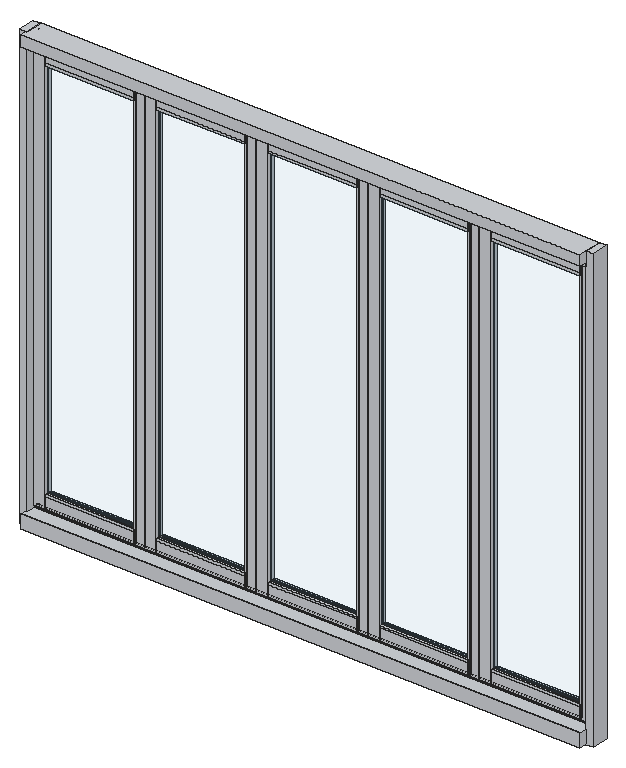
Revit family "MT-HB_BIFOLD DOOR_XXXXX", category Doors, host Wall, Revit 2017 (continued)
Definition of nested family "DETAIL_HB27S_SILL JAMB"
  Lines and regions (mm)
    model lines, in view "Ref. Level"
      curve 128: arc (132.5, 72.09, 0) -> (132.874, 72.348, 0) -> (132.767, 72.788, 0) r 0.4
      curve 129: arc (132.767, 72.788, 0) -> (132.052, 74.477, 0) -> (132.9, 76.103, 0) r 2.15
      curve 130: arc (135.5, 76.103, 0) -> (136.348, 74.477, 0) -> (135.633, 72.788, 0) r 2.15
      curve 131: arc (135.633, 72.788, 0) -> (135.526, 72.348, 0) -> (135.9, 72.09, 0) r 0.4
      curve 132: arc (136.45, 72.09, 0) -> (137.511, 72.53, 0) -> (137.95, 73.59, 0) r 1.5
      curve 133: arc (137.95, 77.386, 0) -> (138.09, 77.733, 0) -> (138.433, 77.885, 0) r 0.5
      curve 134: arc (143.965, 78.078, 0) -> (144.695, 77.798, 0) -> (145, 77.079, 0) r 1
      curve 135: arc (145, 65.346, 0) -> (144.707, 64.639, 0) -> (144, 64.346, 0) r 1
      curve 136: arc (140, 64.346, 0) -> (139.293, 64.053, 0) -> (139, 63.346, 0) r 1
      curve 137: arc (139, 61.346, 0) -> (139.293, 60.639, 0) -> (140, 60.346, 0) r 1
      curve 138: arc (144, 60.346, 0) -> (144.707, 60.053, 0) -> (145, 59.346, 0) r 1
      curve 139: arc (145, 55.346, 0) -> (144.707, 54.639, 0) -> (144, 54.346, 0) r 1
      curve 140: arc (140, 54.346, 0) -> (139.293, 54.053, 0) -> (139, 53.346, 0) r 1
      curve 141: arc (139, 51.346, 0) -> (139.293, 50.639, 0) -> (140, 50.346, 0) r 1
      curve 142: arc (144, 50.346, 0) -> (144.707, 50.053, 0) -> (145, 49.346, 0) r 1
      curve 143: arc (145, 45.346, 0) -> (144.707, 44.639, 0) -> (144, 44.346, 0) r 1
      curve 144: arc (140, 44.346, 0) -> (139.293, 44.053, 0) -> (139, 43.346, 0) r 1
      curve 145: arc (139, 41.346, 0) -> (139.293, 40.639, 0) -> (140, 40.346, 0) r 1
      curve 146: arc (144, 40.346, 0) -> (144.707, 40.053, 0) -> (145, 39.346, 0) r 1
      curve 147: arc (145, 35.346, 0) -> (144.707, 34.639, 0) -> (144, 34.346, 0) r 1
      curve 148: arc (140, 34.346, 0) -> (139.293, 34.053, 0) -> (139, 33.346, 0) r 1
      curve 149: arc (139, 31.346, 0) -> (139.293, 30.639, 0) -> (140, 30.346, 0) r 1
      curve 150: arc (144, 30.346, 0) -> (144.707, 30.053, 0) -> (145, 29.346, 0) r 1
      curve 151: arc (145, 26.444, 0) -> (144.737, 25.769, 0) -> (144.087, 25.448, 0) r 1
      curve 152: arc (9, 18.346, 0) -> (8.646, 18.492, 0) -> (8.5, 18.846, 0) r 0.5
      curve 153: arc (8.5, 32.361, 0) -> (7.453, 35.423, 0) -> (4.75, 37.202, 0) r 5
      curve 154: arc (4.75, 37.202, 0) -> (4.209, 37.558, 0) -> (4, 38.17, 0) r 1
      curve 155: arc (4, 76.084, 0) -> (4.617, 77.008, 0) -> (5.707, 76.791, 0) r 1
      curve 156: arc (10.173, 72.325, 0) -> (10.909, 71.718, 0) -> (11.746, 71.262, 0) r 5
      curve 157: arc (11.746, 71.262, 0) -> (11.967, 71.078, 0) -> (12.05, 70.802, 0) r 0.5
      curve 158: arc (12.05, 67.587, 0) -> (12.489, 66.526, 0) -> (13.55, 66.087, 0) r 1.5
      curve 159: arc (14.1, 66.087, 0) -> (14.474, 66.344, 0) -> (14.367, 66.785, 0) r 0.4
      curve 160: arc (14.367, 66.785, 0) -> (13.652, 68.474, 0) -> (14.5, 70.1, 0) r 2.15
      curve 161: arc (17.1, 70.1, 0) -> (17.948, 68.474, 0) -> (17.233, 66.785, 0) r 2.15
      curve 162: arc (17.233, 66.785, 0) -> (17.108, 66.408, 0) -> (17.369, 66.109, 0) r 0.4
      curve 163: arc (17.369, 66.109, 0) -> (17.759, 65.86, 0) -> (17.996, 65.462, 0) r 1
      curve 164: arc (17.996, 65.462, 0) -> (18.358, 64.955, 0) -> (18.95, 64.761, 0) r 1
      curve 165: arc (21.05, 64.761, 0) -> (21.757, 64.468, 0) -> (22.05, 63.761, 0) r 1
      curve 166: arc (22.05, 58.587, 0) -> (22.489, 57.526, 0) -> (23.55, 57.087, 0) r 1.5
      curve 167: arc (24.1, 57.087, 0) -> (24.474, 57.344, 0) -> (24.367, 57.785, 0) r 0.4
      curve 168: arc (24.367, 57.785, 0) -> (23.652, 59.474, 0) -> (24.5, 61.1, 0) r 2.15
      curve 169: arc (27.1, 61.1, 0) -> (27.948, 59.474, 0) -> (27.233, 57.785, 0) r 2.15
      curve 170: arc (27.233, 57.785, 0) -> (27.126, 57.344, 0) -> (27.5, 57.087, 0) r 0.4
      curve 171: arc (28.05, 57.087, 0) -> (29.111, 57.526, 0) -> (29.55, 58.587, 0) r 1.5
      curve 172: arc (29.55, 60.761, 0) -> (29.843, 61.468, 0) -> (30.55, 61.761, 0) r 1
      curve 173: arc (38.05, 61.761, 0) -> (38.757, 61.468, 0) -> (39.05, 60.761, 0) r 1
      curve 174: arc (39.05, 58.587, 0) -> (39.489, 57.526, 0) -> (40.55, 57.087, 0) r 1.5
      curve 175: arc (41.1, 57.087, 0) -> (41.474, 57.344, 0) -> (41.367, 57.785, 0) r 0.4
      curve 176: arc (41.367, 57.785, 0) -> (40.652, 59.474, 0) -> (41.5, 61.1, 0) r 2.15
      curve 177: arc (44.1, 61.1, 0) -> (44.948, 59.474, 0) -> (44.233, 57.785, 0) r 2.15
      curve 178: arc (44.233, 57.785, 0) -> (44.126, 57.344, 0) -> (44.5, 57.087, 0) r 0.4
      curve 179: arc (45.05, 57.087, 0) -> (46.111, 57.526, 0) -> (46.55, 58.587, 0) r 1.5
      curve 180: arc (46.55, 60.761, 0) -> (46.843, 61.468, 0) -> (47.55, 61.761, 0) r 1
      curve 181: arc (50.87, 61.761, 0) -> (51.577, 62.054, 0) -> (51.87, 62.761, 0) r 1
      curve 182: arc (51.87, 70.361, 0) -> (52.016, 70.715, 0) -> (52.37, 70.861, 0) r 0.5
      curve 183: arc (54.05, 70.861, 0) -> (54.757, 70.568, 0) -> (55.05, 69.861, 0) r 1
      curve 184: arc (55.05, 67.587, 0) -> (55.489, 66.526, 0) -> (56.55, 66.087, 0) r 1.5
      curve 185: arc (57.1, 66.087, 0) -> (57.474, 66.344, 0) -> (57.367, 66.785, 0) r 0.4
      curve 186: arc (57.367, 66.785, 0) -> (56.652, 68.474, 0) -> (57.5, 70.1, 0) r 2.15
      curve 187: line (38.245, 64.707, 0) -> (37.929, 64.486, 0)
      curve 188: line (37.011, 64.486, 0) -> (36.695, 64.707, 0)
      curve 189: line (36.523, 64.761, 0) -> (25.633, 64.761, 0)
      curve 190: line (21.45, 68.561, 0) -> (21.45, 69.987, 0)
      curve 191: line (22.45, 70.987, 0) -> (25.07, 70.987, 0)
      curve 192: line (26.07, 71.987, 0) -> (26.07, 83.061, 0)
      curve 193: line (26.87, 83.861, 0) -> (29.47, 83.861, 0)
      curve 194: line (29.47, 86.861, 0) -> (25.547, 86.861, 0)
      curve 195: line (24.047, 85.384, 0) -> (23.893, 75.464, 0)
      curve 196: line (22.393, 73.987, 0) -> (16.51, 73.987, 0)
      curve 197: line (16.156, 73.841, 0) -> (15.941, 73.626, 0)
      curve 198: line (15.659, 73.626, 0) -> (15.444, 73.841, 0)
      curve 199: line (15.09, 73.987, 0) -> (13.168, 73.987, 0)
      curve 200: line (12.461, 74.28, 0) -> (4.893, 81.848, 0)
      curve 201: line (4.6, 82.555, 0) -> (4.6, 89.319, 0)
      curve 202: line (5.05, 89.816, 0) -> (9.15, 90.226, 0)
      curve 203: line (9.6, 90.724, 0) -> (9.6, 91.371, 0)
      curve 204: line (9.1, 91.871, 0) -> (5, 91.871, 0)
      curve 205: line (4.6, 92.271, 0) -> (4.6, 94.171, 0)
      curve 206: line (5, 94.571, 0) -> (8.6, 94.571, 0)
      curve 207: line (9.6, 94.571, 0) -> (9.6, 96.671, 0)
      curve 208: line (8.1, 96.071, 0) -> (5.1, 96.071, 0)
      curve 209: line (4.6, 96.571, 0) -> (4.6, 101.205, 0)
      curve 210: line (5.03, 101.7, 0) -> (8.03, 102.122, 0)
      curve 211: line (8.6, 101.627, 0) -> (8.6, 100.671, 0)
      curve 212: line (9.6, 100.671, 0) -> (9.6, 103.846, 0)
      curve 213: line (9.1, 104.346, 0) -> (2.1, 104.346, 0)
      curve 214: line (1.6, 103.846, 0) -> (1.6, 80.361, 0)
      curve 215: line (1.1, 79.861, 0) -> (0.5, 79.861, 0)
      curve 216: line (0, 79.361, 0) -> (0, 30.046, 0)
      curve 217: line (1, 29.046, 0) -> (1.5, 29.046, 0)
      curve 218: line (2.5, 30.046, 0) -> (2.5, 30.561, 0)
      curve 219: line (4.5, 30.561, 0) -> (4.5, 30.046, 0)
      curve 220: line (6, 28.546, 0) -> (6, 24.311, 0)
      curve 221: line (6.117, 24.029, 0) -> (6.3, 23.846, 0)
      curve 222: line (6.3, 23.846, 0) -> (6.3, 23.346, 0)
      curve 223: line (6.3, 23.346, 0) -> (6.117, 23.163, 0)
      curve 224: line (6, 22.88, 0) -> (6, 18.546, 0)
      curve 225: line (5.8, 18.346, 0) -> (4.5, 18.346, 0)
      curve 226: line (4, 17.846, 0) -> (4, 16.846, 0)
      curve 227: line (3.5, 16.346, 0) -> (0.5, 16.346, 0)
      curve 228: line (0, 15.846, 0) -> (0, 14.346, 0)
      curve 229: line (0.5, 13.846, 0) -> (5.05, 13.846, 0)
      curve 230: line (5.55, 13.346, 0) -> (5.55, 12.846, 0)
      curve 231: line (6.05, 12.346, 0) -> (8.4, 12.346, 0)
      curve 232: line (8.9, 11.846, 0) -> (8.9, 10.929, 0)
      curve 233: line (8.529, 10.447, 0) -> (6.771, 9.975, 0)
      curve 234: line (6.467, 9.242, 0) -> (11.534, 0.466, 0)
      curve 235: line (13.4, 0.966, 0) -> (13.4, 4.43, 0)
      curve 236: line (12.998, 5.93, 0) -> (12.138, 7.42, 0)
      curve 237: line (13.571, 10.055, 0) -> (14.1, 10.055, 0)
      curve 238: line (14.5, 14.069, 0) -> (14.5, 14.956, 0)
      curve 239: line (14.5, 14.956, 0) -> (17.1, 14.956, 0)
      curve 240: line (17.1, 14.956, 0) -> (17.1, 14.069, 0)
      curve 241: line (17.5, 10.055, 0) -> (18.05, 10.055, 0)
      curve 242: line (19.55, 11.555, 0) -> (19.55, 14.846, 0)
      curve 243: line (20.05, 15.346, 0) -> (21.55, 15.346, 0)
      curve 244: line (22.05, 14.846, 0) -> (22.05, 11.555, 0)
      curve 245: line (23.55, 10.055, 0) -> (24.1, 10.055, 0)
      curve 246: line (24.5, 14.069, 0) -> (24.5, 14.956, 0)
      curve 247: line (24.5, 14.956, 0) -> (27.1, 14.956, 0)
      curve 248: line (27.1, 14.956, 0) -> (27.1, 14.069, 0)
      curve 249: line (27.5, 10.055, 0) -> (28.05, 10.055, 0)
      curve 250: line (29.55, 11.555, 0) -> (29.55, 14.846, 0)
      curve 251: line (30.05, 15.346, 0) -> (38.55, 15.346, 0)
      curve 252: line (39.05, 14.846, 0) -> (39.05, 11.555, 0)
      curve 253: line (40.55, 10.055, 0) -> (41.1, 10.055, 0)
      curve 254: line (41.5, 14.069, 0) -> (41.5, 14.956, 0)
      curve 255: line (41.5, 14.956, 0) -> (44.1, 14.956, 0)
      curve 256: line (44.1, 14.956, 0) -> (44.1, 14.069, 0)
      curve 257: line (44.5, 10.055, 0) -> (45.05, 10.055, 0)
      curve 258: line (46.55, 11.555, 0) -> (46.55, 14.846, 0)
      curve 259: line (47.05, 15.346, 0) -> (54.55, 15.346, 0)
      curve 260: line (55.05, 14.846, 0) -> (55.05, 11.555, 0)
      curve 261: line (56.55, 10.055, 0) -> (57.1, 10.055, 0)
      curve 262: line (57.5, 14.069, 0) -> (57.5, 14.956, 0)
      curve 263: line (57.5, 14.956, 0) -> (60.1, 14.956, 0)
      curve 264: line (60.1, 14.956, 0) -> (60.1, 14.069, 0)
      curve 265: line (60.5, 10.055, 0) -> (61.05, 10.055, 0)
      curve 266: line (62.55, 11.555, 0) -> (62.55, 14.845, 0)
      curve 267: line (63.024, 15.344, 0) -> (143.913, 22.421, 0)
      curve 268: line (145, 21.425, 0) -> (145, 19.776, 0)
      curve 269: line (137.782, 16.106, 0) -> (133.399, 16.106, 0)
      curve 270: line (131.899, 14.606, 0) -> (131.899, 14.056, 0)
      curve 271: line (135.912, 13.656, 0) -> (136.8, 13.656, 0)
      curve 272: line (136.8, 13.656, 0) -> (136.8, 11.056, 0)
      curve 273: line (136.8, 11.056, 0) -> (135.912, 11.056, 0)
      curve 274: line (131.899, 10.656, 0) -> (131.899, 10.106, 0)
      curve 275: line (133.399, 8.606, 0) -> (137.161, 8.606, 0)
      curve 276: line (137.854, 7.406, 0) -> (137.002, 5.93, 0)
      curve 277: line (136.6, 4.43, 0) -> (136.6, 0.966, 0)
      curve 278: line (138.466, 0.466, 0) -> (143.533, 9.242, 0)
      curve 279: line (143.229, 9.975, 0) -> (141.471, 10.446, 0)
      curve 280: line (141.1, 10.929, 0) -> (141.1, 11.846, 0)
      curve 281: line (141.6, 12.346, 0) -> (143.95, 12.346, 0)
      curve 282: line (144.45, 12.846, 0) -> (144.45, 13.346, 0)
      curve 283: line (144.95, 13.846, 0) -> (149.2, 13.846, 0)
      curve 284: line (150, 14.646, 0) -> (150, 83.361, 0)
      curve 285: line (149.5, 83.861, 0) -> (145.5, 83.861, 0)
      curve 286: line (145, 83.361, 0) -> (145, 82.082, 0)
      curve 287: line (144.035, 81.083, 0) -> (66.8, 78.386, 0)
      curve 288: line (64.87, 76.387, 0) -> (64.87, 74.361, 0)
      curve 289: line (64.37, 73.861, 0) -> (59.508, 73.861, 0)
      curve 290: line (59.155, 73.715, 0) -> (58.94, 73.5, 0)
      curve 291: line (58.657, 73.5, 0) -> (58.442, 73.715, 0)
      curve 292: line (58.089, 73.861, 0) -> (52.37, 73.861, 0)
      curve 293: line (51.87, 74.361, 0) -> (51.87, 86.361, 0)
      curve 294: line (51.37, 86.861, 0) -> (45.47, 86.861, 0)
      curve 295: line (45.47, 83.861, 0) -> (48.07, 83.861, 0)
      curve 296: line (48.87, 83.061, 0) -> (48.87, 65.761, 0)
      curve 297: line (47.87, 64.761, 0) -> (38.417, 64.761, 0)
      curve 298: line (60.5, 66.087, 0) -> (61.05, 66.087, 0)
      curve 299: line (62.55, 67.587, 0) -> (62.55, 70.361, 0)
      curve 300: line (63.05, 70.861, 0) -> (64.37, 70.861, 0)
      curve 301: line (67.87, 74.361, 0) -> (67.87, 74.938, 0)
      curve 302: line (68.353, 75.438, 0) -> (129.933, 77.588, 0)
      curve 303: line (130.45, 77.089, 0) -> (130.45, 73.59, 0)
      curve 304: line (131.95, 72.09, 0) -> (132.5, 72.09, 0)
      curve 305: line (132.9, 76.103, 0) -> (132.9, 76.991, 0)
      curve 306: line (132.9, 76.991, 0) -> (135.5, 76.991, 0)
      curve 307: line (135.5, 76.991, 0) -> (135.5, 76.103, 0)
      curve 308: line (135.9, 72.09, 0) -> (136.45, 72.09, 0)
      curve 309: line (137.95, 73.59, 0) -> (137.95, 77.386, 0)
      curve 310: line (138.433, 77.885, 0) -> (143.965, 78.078, 0)
      curve 311: line (145, 77.079, 0) -> (145, 65.346, 0)
      curve 312: line (144, 64.346, 0) -> (140, 64.346, 0)
      curve 313: line (139, 63.346, 0) -> (139, 61.346, 0)
      curve 314: line (140, 60.346, 0) -> (144, 60.346, 0)
      curve 315: line (145, 59.346, 0) -> (145, 55.346, 0)
      curve 316: line (144, 54.346, 0) -> (140, 54.346, 0)
      curve 317: line (139, 53.346, 0) -> (139, 51.346, 0)
      curve 318: line (140, 50.346, 0) -> (144, 50.346, 0)
      curve 319: line (145, 49.346, 0) -> (145, 45.346, 0)
      curve 320: line (144, 44.346, 0) -> (140, 44.346, 0)
      curve 321: line (139, 43.346, 0) -> (139, 41.346, 0)
      curve 322: line (140, 40.346, 0) -> (144, 40.346, 0)
      curve 323: line (145, 39.346, 0) -> (145, 35.346, 0)
      curve 324: line (144, 34.346, 0) -> (140, 34.346, 0)
      curve 325: line (139, 33.346, 0) -> (139, 31.346, 0)
      curve 326: line (140, 30.346, 0) -> (144, 30.346, 0)
      curve 327: line (145, 29.346, 0) -> (145, 26.444, 0)
      curve 328: line (144.087, 25.448, 0) -> (62.952, 18.35, 0)
      curve 329: line (62.952, 18.35, 0) -> (9, 18.346, 0)
      curve 330: line (8.5, 18.846, 0) -> (8.5, 32.361, 0)
      curve 331: line (4, 38.17, 0) -> (4, 76.084, 0)
      curve 332: line (5.707, 76.791, 0) -> (10.173, 72.325, 0)
      curve 333: line (12.05, 70.802, 0) -> (12.05, 67.587, 0)
      curve 334: line (13.55, 66.087, 0) -> (14.1, 66.087, 0)
      curve 335: line (14.5, 70.1, 0) -> (14.5, 70.987, 0)
      curve 336: line (14.5, 70.987, 0) -> (17.1, 70.987, 0)
      curve 337: line (17.1, 70.987, 0) -> (17.1, 70.1, 0)
      curve 338: line (18.95, 64.761, 0) -> (21.05, 64.761, 0)
      curve 339: line (22.05, 63.761, 0) -> (22.05, 58.587, 0)
      curve 340: line (23.55, 57.087, 0) -> (24.1, 57.087, 0)
      curve 341: line (24.5, 61.1, 0) -> (24.5, 61.987, 0)
      curve 342: line (24.5, 61.987, 0) -> (27.1, 61.987, 0)
      curve 343: line (27.1, 61.987, 0) -> (27.1, 61.1, 0)
      curve 344: line (27.5, 57.087, 0) -> (28.05, 57.087, 0)
      curve 345: line (29.55, 58.587, 0) -> (29.55, 60.761, 0)
      curve 346: line (30.55, 61.761, 0) -> (38.05, 61.761, 0)
      curve 347: line (39.05, 60.761, 0) -> (39.05, 58.587, 0)
      curve 348: line (40.55, 57.087, 0) -> (41.1, 57.087, 0)
      curve 349: line (41.5, 61.1, 0) -> (41.5, 61.987, 0)
      curve 350: line (41.5, 61.987, 0) -> (44.1, 61.987, 0)
      curve 351: line (44.1, 61.987, 0) -> (44.1, 61.1, 0)
      curve 352: line (44.5, 57.087, 0) -> (45.05, 57.087, 0)
      curve 353: line (46.55, 58.587, 0) -> (46.55, 60.761, 0)
      curve 354: line (47.55, 61.761, 0) -> (50.87, 61.761, 0)
      curve 355: line (51.87, 62.761, 0) -> (51.87, 70.361, 0)
      curve 356: line (52.37, 70.861, 0) -> (54.05, 70.861, 0)
      curve 357: line (55.05, 69.861, 0) -> (55.05, 67.587, 0)
      curve 358: line (56.55, 66.087, 0) -> (57.1, 66.087, 0)
      curve 359: line (57.5, 70.1, 0) -> (57.5, 70.987, 0)
      curve 360: line (57.5, 70.987, 0) -> (60.1, 70.987, 0)
      curve 361: line (60.1, 70.987, 0) -> (60.1, 70.1, 0)
      curve 362: arc (60.1, 70.1, 0) -> (60.948, 68.474, 0) -> (60.233, 66.785, 0) r 2.15
      curve 363: arc (60.233, 66.785, 0) -> (60.126, 66.344, 0) -> (60.5, 66.087, 0) r 0.4
Definition of nested family "DETAIL_HB_DETAIL 3"
  Reference planes
    plane 1 "Center (Front/Back)": y = 0
    plane 2: z = 0
    plane 3 "Center (Left/Right)": x = 0
  Lines and regions (mm)
    model lines, in view "Ref. Level"
      curve 1: line (10.099, 28.014, 0) -> (0.979, 28.014, 0)
      curve 2: line (0.979, 28.014, 0) -> (0.979, 30.01, 0)
      curve 3: line (0.979, 30.01, 0) -> (1.743, 30.718, 0)
      curve 4: line (1.743, 30.718, 0) -> (-0.957, 32.457, 0)
      curve 5: line (-0.957, 32.457, 0) -> (-0.957, 22.926, 0)
      curve 6: line (-0.957, 22.926, 0) -> (10.099, 22.926, 0)
      curve 7: line (10.099, 22.926, 0) -> (10.099, 28.014, 0)
      curve 8: line (7.608, 25.76, 0) -> (-0.957, 25.76, 0)
      curve 9: circle (57.25, 0, 0) r 2.4 normal (0, 0, -1)
      curve 10: arc (43.562, 5.5, 0) -> (43.013, 4.951, 0) -> (42.263, 4.75, 0) r 1.5
      curve 11: arc (42.263, -4.75, 0) -> (43.013, -4.951, 0) -> (43.562, -5.5, 0) r 1.5
      curve 12: line (28.25, -0.258, 0) -> (28.264, 0, 0)
      curve 13: line (26.392, 3.97, 0) -> (26.235, 2.807, 0)
      curve 14: line (26.235, 2.807, 0) -> (25.923, -2.807, 0)
      curve 15: line (25.923, -2.807, 0) -> (25.777, -3.97, 0)
      curve 16: line (27.642, 3.97, 0) -> (27.485, 2.807, 0)
      curve 17: line (27.485, 2.807, 0) -> (27.173, -2.807, 0)
      curve 18: line (27.173, -2.807, 0) -> (27.027, -3.97, 0)
      curve 19: line (27.608, -3.97, 0) -> (27.765, -2.807, 0)
      curve 20: line (27.765, -2.807, 0) -> (27.921, 0, 0)
      curve 21: line (26.358, -3.97, 0) -> (26.515, -2.807, 0)
      curve 22: line (26.515, -2.807, 0) -> (26.827, 2.807, 0)
      curve 23: line (26.827, 2.807, 0) -> (26.973, 3.97, 0)
      curve 24: line (25.108, -3.97, 0) -> (25.265, -2.807, 0)
      curve 25: line (25.265, -2.807, 0) -> (25.577, 2.807, 0)
      curve 26: line (25.577, 2.807, 0) -> (25.723, 3.97, 0)
      curve 27: line (23.858, -3.97, 0) -> (24.015, -2.807, 0)
      curve 28: line (24.015, -2.807, 0) -> (24.327, 2.807, 0)
      curve 29: line (24.327, 2.807, 0) -> (24.473, 3.97, 0)
      curve 30: line (3.858, -3.97, 0) -> (4.015, -2.807, 0)
      curve 31: line (4.015, -2.807, 0) -> (4.25, 1.533, 0)
      curve 32: line (2.608, -3.97, 0) -> (2.765, -2.807, 0)
      curve 33: line (2.765, -2.807, 0) -> (3.077, 2.807, 0)
      curve 34: line (3.077, 2.807, 0) -> (3.213, 3.948, 0)
      curve 35: line (2.642, 3.97, 0) -> (2.485, 2.807, 0)
      curve 36: line (2.485, 2.807, 0) -> (2.25, -1.537, 0)
      curve 37: line (3.892, 3.97, 0) -> (3.735, 2.807, 0)
      curve 38: line (3.735, 2.807, 0) -> (3.423, -2.807, 0)
      curve 39: line (3.423, -2.807, 0) -> (3.277, -3.97, 0)
      curve 40: line (23.892, 3.97, 0) -> (23.735, 2.807, 0)
      curve 41: line (23.735, 2.807, 0) -> (23.423, -2.807, 0)
      curve 42: line (23.423, -2.807, 0) -> (23.267, -3.97, 0)
      curve 43: line (25.142, 3.97, 0) -> (24.985, 2.807, 0)
      curve 44: line (24.985, 2.807, 0) -> (24.673, -2.807, 0)
      curve 45: line (24.673, -2.807, 0) -> (24.527, -3.97, 0)
      curve 46: spline (2.25, 3.513, 0) -> (2.25, 3.514, 0) -> (2.25, 3.516, 0) -> (2.25, 3.518, 0) -> (2.25, 3.519, 0) -> (2.25, 3.52, 0) -> (2.25, 3.521, 0) -> (2.25, 3.522, 0) -> (2.25, 3.523, 0) -> (2.25, 3.523, 0) -> (2.25, 3.524, 0) -> (2.25, 3.524, 0) -> (2.25, 3.513, 0)
      curve 47: line (2.25, 3.232, 0) -> (2.25, 3.462, 0)
      curve 48: line (2.25, 3.064, 0) -> (2.25, 2.589, 0)
      curve 49: line (2.25, 2.589, 0) -> (2.25, 2.203, 0)
      curve 50: line (2.25, 1.429, 0) -> (2.25, 2.203, 0)
      curve 51: line (2.25, 0.722, 0) -> (2.25, 1.429, 0)
      curve 52: line (2.25, 0.722, 0) -> (2.25, -0.789, 0)
      curve 53: line (2.25, -1.537, 0) -> (2.25, -0.789, 0)
      curve 54: line (28.25, -0.258, 0) -> (28.25, -0.989, 0)
      curve 55: line (28.25, -3.685, 0) -> (28.25, -3.906, 0)
      curve 56: line (28.25, -3.349, 0) -> (28.25, -3.685, 0)
      curve 57: line (28.25, -2.761, 0) -> (28.25, -3.349, 0)
      curve 58: line (28.25, -2.336, 0) -> (28.25, -2.761, 0)
      curve 59: line (28.25, -1.691, 0) -> (28.25, -2.336, 0)
      curve 60: line (28.25, -0.989, 0) -> (28.25, -1.691, 0)
      curve 61: line (2.956, -3.384, 0) -> (3.544, 3.384, 0)
      curve 62: line (4.206, -3.385, 0) -> (4.25, -3.223, 0)
      curve 63: line (23.25, 0, 0) -> (23.544, 3.384, 0)
      curve 64: line (24.206, -3.384, 0) -> (24.794, 3.384, 0)
      curve 65: line (25.456, -3.384, 0) -> (26.044, 3.384, 0)
      curve 66: line (26.706, -3.384, 0) -> (27.294, 3.384, 0)
      curve 67: line (27.956, -3.384, 0) -> (28.25, 0, 0)
      curve 68: line (27.625, 3.956, 0) -> (27.294, 3.384, 0)
      curve 69: line (26.375, 3.956, 0) -> (26.044, 3.384, 0)
      curve 70: line (25.125, 3.956, 0) -> (24.794, 3.384, 0)
      curve 71: line (23.875, 3.956, 0) -> (23.544, 3.384, 0)
      curve 72: line (3.875, 3.956, 0) -> (3.544, 3.384, 0)
      curve 73: line (2.625, 3.956, 0) -> (2.293, 3.383, 0)
      curve 74: line (2.938, -3.416, 0) -> (3.25, -3.956, 0)
      curve 75: line (24.188, -3.416, 0) -> (24.5, -3.956, 0)
      curve 76: line (25.438, -3.416, 0) -> (25.75, -3.956, 0)
      curve 77: line (26.688, -3.416, 0) -> (27, -3.956, 0)
      curve 78: line (27.938, -3.416, 0) -> (28.25, -3.954, 0)
      curve 79: line (2.625, -3.956, 0) -> (2.956, -3.384, 0)
      curve 80: line (3.875, -3.956, 0) -> (4.206, -3.385, 0)
      curve 81: line (23.875, -3.956, 0) -> (24.206, -3.384, 0)
      curve 82: line (25.125, -3.956, 0) -> (25.456, -3.384, 0)
      curve 83: line (26.375, -3.956, 0) -> (26.706, -3.384, 0)
      curve 84: line (27.625, -3.956, 0) -> (27.956, -3.384, 0)
      curve 85: line (3.562, 3.416, 0) -> (3.25, 3.956, 0)
      curve 86: line (23.562, 3.416, 0) -> (23.25, 3.955, 0)
      curve 87: line (24.812, 3.416, 0) -> (24.5, 3.956, 0)
      curve 88: line (26.062, 3.416, 0) -> (25.75, 3.956, 0)
      curve 89: line (27.312, 3.416, 0) -> (27, 3.956, 0)
      curve 90: arc (0.886, -24.73, 0) -> (-1.515, -23.666, 0) -> (-2.5, -21.232, 0) r 3.5
      curve 91: arc (0.968, -22.231, 0) -> (0.282, -21.927, 0) -> (0, -21.232, 0) r 1
      curve 92: circle (13.75, -30, 0) r 7.075 normal (0, 0, -1)
      curve 93: circle (13.75, -30, 0) r 7.35 normal (0, 0, -1)
      curve 94: arc (21.45, -30, 0) -> (14.657, -37.646, 0) -> (6.264, -31.802, 0) r 7.7
      curve 95: arc (11.694, -22.579, 0) -> (18.412, -23.871, 0) -> (21.45, -30, 0) r 7.7
      curve 96: arc (23.25, -24.704, 0) -> (23.245, -25.031, 0) -> (23.229, -25.357, 0) r 10
      curve 97: line (23.229, -25.357, 0) -> (22.633, -28.162, 0)
      curve 98: line (22.633, -28.162, 0) -> (20.975, -32.662, 0)
      curve 99: line (6.525, -32.662, 0) -> (6.208, -31.801, 0)
      curve 100: arc (22.25, 1.75, 0) -> (22.957, 1.457, 0) -> (23.25, 0.75, 0) r 1
      curve 101: arc (4.25, 0.75, 0) -> (4.543, 1.457, 0) -> (5.25, 1.75, 0) r 1
      curve 102: arc (22.25, 4, 0) -> (22.957, 3.707, 0) -> (23.25, 3, 0) r 1
      curve 103: arc (4.25, 3, 0) -> (4.543, 3.707, 0) -> (5.25, 4, 0) r 1
      curve 104: line (61.172, -7.5, 0) -> (61.172, 7.5, 0)
      curve 105: line (61.172, 7.5, 0) -> (44.717, 7.5, 0)
      curve 106: line (44.717, 7.5, 0) -> (44.717, 11.25, 0)
      curve 107: line (44.717, 11.25, 0) -> (63.25, 11.25, 0)
      curve 108: line (63.25, 11.25, 0) -> (63.25, -11.25, 0)
      curve 109: line (63.25, -11.25, 0) -> (44.717, -11.25, 0)
      curve 110: line (44.717, -11.25, 0) -> (44.717, -7.5, 0)
      curve 111: line (44.717, -7.5, 0) -> (61.172, -7.5, 0)
      curve 112: line (44.717, -11.25, 0) -> (29.25, -11.25, 0)
      curve 113: line (29.25, -11.25, 0) -> (29.25, 11.25, 0)
      curve 114: line (29.25, 11.25, 0) -> (44.717, 11.25, 0)
      curve 115: line (35.25, 6.4, 0) -> (41, 6.4, 0)
      curve 116: line (41, 6.4, 0) -> (41, 4.75, 0)
      curve 117: line (41, 4.75, 0) -> (41, -4.75, 0)
      curve 118: line (44.717, 7.5, 0) -> (43.562, 5.5, 0)
      curve 119: line (42.263, 4.75, 0) -> (41, 4.75, 0)
      curve 120: line (44.717, -7.5, 0) -> (43.562, -5.5, 0)
      curve 121: line (35.25, -6.25, 0) -> (39.75, -6.25, 0)
      curve 122: line (39.75, -6.25, 0) -> (40.25, -5.75, 0)
      curve 123: line (40.25, -5.75, 0) -> (40.25, 5.75, 0)
      curve 124: line (40.25, 5.75, 0) -> (39.75, 6.25, 0)
      curve 125: line (39.75, 6.25, 0) -> (35.25, 6.4, 0)
      curve 126: line (35.25, 6.4, 0) -> (35.25, 1.75, 0)
      curve 127: line (35.25, 1.75, 0) -> (35.25, -1.75, 0)
      curve 128: line (35.25, -1.75, 0) -> (35.25, -6.4, 0)
      curve 129: line (35.25, -6.4, 0) -> (41, -6.4, 0)
      curve 130: line (41, -6.4, 0) -> (41, -4.75, 0)
      curve 131: line (41, -4.75, 0) -> (42.263, -4.75, 0)
      curve 132: line (39.75, 6.25, 0) -> (39.75, -6.25, 0)
      curve 133: line (27.921, 0, 0) -> (28.264, 0, 0)
      curve 134: line (28.25, 0, 0) -> (28.25, 3.97, 0)
      curve 135: line (28.25, 3.97, 0) -> (27.642, 3.97, 0)
      curve 136: line (2.25, -1.537, 0) -> (2.25, -3.97, 0)
      curve 137: line (2.25, -3.97, 0) -> (2.608, -3.97, 0)
      curve 138: line (28.25, -3.425, 0) -> (29.25, -3.425, 0)
      curve 139: line (28.25, 3.425, 0) -> (29.25, 3.425, 0)
      curve 140: line (2.25, 2.95, 0) -> (0, 2.95, 0)
      curve 141: line (2.25, -2.95, 0) -> (0, -2.95, 0)
      curve 142: line (3.277, -3.97, 0) -> (3.858, -3.97, 0)
      curve 143: line (23.267, -3.97, 0) -> (23.858, -3.97, 0)
      curve 144: line (24.527, -3.97, 0) -> (25.108, -3.97, 0)
      curve 145: line (25.777, -3.97, 0) -> (26.358, -3.97, 0)
      curve 146: line (27.027, -3.97, 0) -> (27.608, -3.97, 0)
      curve 147: line (2.642, 3.97, 0) -> (3.233, 3.97, 0)
      curve 148: line (3.892, 3.97, 0) -> (4.25, 3.97, 0)
      curve 149: line (23.892, 3.97, 0) -> (24.473, 3.97, 0)
      curve 150: line (25.142, 3.97, 0) -> (25.723, 3.97, 0)
      curve 151: line (26.392, 3.97, 0) -> (26.973, 3.97, 0)
      curve 152: line (4.25, -4.5, 0) -> (0, -4.6, 0)
      curve 153: line (0, -4.6, 0) -> (4.25, -4.6, 0)
      curve 154: line (4.25, -22.338, 0) -> (4.25, -2.75, 0)
      curve 155: line (4.25, -2.75, 0) -> (4.25, 0.75, 0)
      curve 156: line (4.25, 0.75, 0) -> (4.25, 2.25, 0)
      curve 157: line (4.25, 2.25, 0) -> (4.25, 2.5, 0)
      curve 158: line (4.25, 2.5, 0) -> (4.25, 3, 0)
      curve 159: line (4.25, 3, 0) -> (4.25, 4.6, 0)
      curve 160: line (4.25, 4.5, 0) -> (0, 4.6, 0)
      curve 161: line (0, 4.6, 0) -> (29.25, 4.6, 0)
      curve 162: line (29.25, 4.6, 0) -> (29.25, 11.25, 0)
      curve 163: line (29.25, 11.25, 0) -> (-7.75, 11.25, 0)
      curve 164: line (-7.75, 11.25, 0) -> (-7.75, -11.25, 0)
      curve 165: line (-7.75, -11.25, 0) -> (-2.5, -11.25, 0)
      curve 166: line (0, -11.25, 0) -> (4.25, -11.25, 0)
      curve 167: line (23.25, -11.25, 0) -> (29.25, -11.25, 0)
      curve 168: line (29.25, -11.25, 0) -> (29.25, -4.6, 0)
      curve 169: line (29.25, -4.6, 0) -> (23.25, -4.6, 0)
      curve 170: line (23.25, -4.6, 0) -> (29.25, -4.6, 0)
      curve 171: line (41, -0.8, 0) -> (40.25, -0.8, 0)
      curve 172: line (40.25, 0.8, 0) -> (41, 0.8, 0)
      curve 173: line (0.886, -24.73, 0) -> (8.388, -24.973, 0)
      curve 174: line (13.988, -22.654, 0) -> (0.968, -22.231, 0)
      curve 175: line (-2.5, -21.232, 0) -> (-2.5, 5.769, 0)
      curve 176: line (-2.5, 5.769, 0) -> (0, 5.769, 0)
      curve 177: line (0, 5.769, 0) -> (0, -21.232, 0)
      curve 178: line (29.25, 4.5, 0) -> (23.25, 4.5, 0)
      curve 179: line (23.25, 4.5, 0) -> (23.25, 3, 0)
      curve 180: line (23.25, 3, 0) -> (23.25, 2.5, 0)
      curve 181: line (23.25, 2.5, 0) -> (23.25, 2.25, 0)
      curve 182: line (23.25, 2.25, 0) -> (23.25, 0.75, 0)
      curve 183: line (23.25, 0.75, 0) -> (23.25, -2.75, 0)
      curve 184: line (23.25, -2.75, 0) -> (23.25, -24.704, 0)
      curve 185: line (5.25, 4, 0) -> (22.25, 4, 0)
      curve 186: line (5.25, 1.75, 0) -> (22.25, 1.75, 0)
      curve 187: arc (6.444, -30.799, 0) -> (2.98, -28.797, 0) -> (3.294, -24.808, 0) r 3.75
      curve 188: arc (5.457, -22.377, 0) -> (6.453, -22.304, 0) -> (7.442, -22.441, 0) r 4.75
      curve 189: arc (6.622, -31.791, 0) -> (2.297, -29.611, 0) -> (2.133, -24.771, 0) r 4.75
Definition of nested family "DETAIL_HB_DETAIL 4"
  Reference planes
    plane 1 "Center (Front/Back)": y = 0
    plane 2: z = 0
    plane 3 "Center (Left/Right)": x = 0
  Lines and regions (mm)
    model lines, in view "Ref. Level"
      curve 1: line (-18.627, 31.023, 0) -> (22.655, 31.023, 0)
      curve 2: line (0, 48.131, 0) -> (0, 15.929, 0)
      curve 3: circle (0, 31.023, 0) r 8 normal (0, 0, 1)
      curve 4: circle (0, 31.023, 0) r 7 normal (0, 0, 1)
      curve 5: arc (-6.263, 19.321, 0) -> (-6.38, 19, 0) -> (-6.263, 18.679, 0) r 0.5
      curve 6: line (-1.857, 15.5, 0) -> (2.143, 15.5, 0)
      curve 7: line (2.143, 15.5, 0) -> (2.143, 22.5, 0)
      curve 8: line (2.143, 22.5, 0) -> (-1.857, 22.5, 0)
      curve 9: line (-1.857, 22.5, 0) -> (-1.857, 15.5, 0)
      curve 10: line (-1.357, 16, 0) -> (1.643, 16, 0)
      curve 11: line (1.643, 16, 0) -> (1.643, 22, 0)
      curve 12: line (1.643, 22, 0) -> (-1.357, 22, 0)
      curve 13: line (-1.357, 22, 0) -> (-1.357, 16, 0)
      curve 14: line (-4.003, 17.934, 0) -> (-4.647, 18.701, 0)
      curve 15: line (-4.647, 18.701, 0) -> (-2.471, 18.587, 0)
      curve 16: line (-2.471, 18.587, 0) -> (-1.857, 16.9, 0)
      curve 17: line (-1.857, 16.9, 0) -> (-1.857, 21.1, 0)
      curve 18: line (-1.857, 21.1, 0) -> (-2.471, 19.413, 0)
      curve 19: line (-2.471, 19.413, 0) -> (-4.647, 19.299, 0)
      curve 20: line (-4.647, 19.299, 0) -> (-4.003, 20.066, 0)
      curve 21: line (-5.581, 18.333, 0) -> (-5.947, 18.77, 0)
      curve 22: line (-5.947, 18.77, 0) -> (-5.057, 18.723, 0)
      curve 23: line (-5.057, 18.723, 0) -> (-4.233, 17.741, 0)
      curve 24: line (-4.233, 20.259, 0) -> (-5.057, 19.277, 0)
      curve 25: line (-5.057, 19.277, 0) -> (-5.947, 19.23, 0)
      curve 26: line (-5.947, 19.23, 0) -> (-5.581, 19.667, 0)
      curve 27: line (-6.263, 19.321, 0) -> (-5.811, 19.86, 0)
      curve 28: line (-6.263, 18.679, 0) -> (-5.811, 18.14, 0)
      curve 29: arc (-5.581, 19.667, 0) -> (-5.599, 19.879, 0) -> (-5.811, 19.86, 0) r 0.15
      curve 30: arc (-4.003, 20.066, 0) -> (-4.022, 20.278, 0) -> (-4.233, 20.259, 0) r 0.15
      curve 31: arc (-5.811, 18.14, 0) -> (-5.599, 18.121, 0) -> (-5.581, 18.333, 0) r 0.15
      curve 32: arc (-4.233, 17.741, 0) -> (-4.022, 17.722, 0) -> (-4.003, 17.934, 0) r 0.15
      curve 33: arc (-6.263, -18.542, 0) -> (-6.38, -18.863, 0) -> (-6.263, -19.185, 0) r 0.5
      curve 34: line (-1.857, -22.363, 0) -> (2.143, -22.363, 0)
      curve 35: line (2.143, -22.363, 0) -> (2.143, -15.363, 0)
      curve 36: line (2.143, -15.363, 0) -> (-1.857, -15.363, 0)
      curve 37: line (-1.857, -15.363, 0) -> (-1.857, -22.363, 0)
      curve 38: line (-1.357, -21.863, 0) -> (1.643, -21.863, 0)
      curve 39: line (1.643, -21.863, 0) -> (1.643, -15.863, 0)
      curve 40: line (1.643, -15.863, 0) -> (-1.357, -15.863, 0)
      curve 41: line (-1.357, -15.863, 0) -> (-1.357, -21.863, 0)
      curve 42: line (-4.003, -19.93, 0) -> (-4.647, -19.162, 0)
      curve 43: line (-4.647, -19.162, 0) -> (-2.471, -19.276, 0)
      curve 44: line (-2.471, -19.276, 0) -> (-1.857, -20.963, 0)
      curve 45: line (-1.857, -20.963, 0) -> (-1.857, -16.763, 0)
      curve 46: line (-1.857, -16.763, 0) -> (-2.471, -18.451, 0)
      curve 47: line (-2.471, -18.451, 0) -> (-4.647, -18.565, 0)
      curve 48: line (-4.647, -18.565, 0) -> (-4.003, -17.797, 0)
      curve 49: line (-5.581, -19.531, 0) -> (-5.947, -19.094, 0)
      curve 50: line (-5.947, -19.094, 0) -> (-5.057, -19.141, 0)
      curve 51: line (-5.057, -19.141, 0) -> (-4.233, -20.122, 0)
      curve 52: line (-4.233, -17.604, 0) -> (-5.057, -18.586, 0)
      curve 53: line (-5.057, -18.586, 0) -> (-5.947, -18.633, 0)
      curve 54: line (-5.947, -18.633, 0) -> (-5.581, -18.196, 0)
      curve 55: line (-6.263, -18.542, 0) -> (-5.811, -18.003, 0)
      curve 56: line (-6.263, -19.185, 0) -> (-5.811, -19.724, 0)
      curve 57: arc (-5.581, -18.196, 0) -> (-5.599, -17.985, 0) -> (-5.811, -18.003, 0) r 0.15
      curve 58: arc (-4.003, -17.797, 0) -> (-4.022, -17.586, 0) -> (-4.233, -17.604, 0) r 0.15
      curve 59: arc (-5.811, -19.724, 0) -> (-5.599, -19.742, 0) -> (-5.581, -19.531, 0) r 0.15
      curve 60: arc (-4.233, -20.122, 0) -> (-4.022, -20.141, 0) -> (-4.003, -19.93, 0) r 0.15
      curve 61: arc (-35.164, 12.482, 0) -> (-30.164, 13.822, 0) -> (-26.503, 17.482, 0) r 10
      curve 62: arc (-45.824, 17.482, 0) -> (-42.164, 13.822, 0) -> (-37.164, 12.482, 0) r 10
      curve 63: arc (-44.614, -4.018, 0) -> (-44.321, -4.725, 0) -> (-43.614, -5.018, 0) r 1
      curve 64: arc (-28.714, -5.018, 0) -> (-28.006, -4.725, 0) -> (-27.714, -4.018, 0) r 1
      curve 65: arc (-32.764, 4.044, 0) -> (-36.225, 7.382, 0) -> (-39.563, 3.921, 0) r 3.4
      curve 66: line (-39.666, -0.37, 0) -> (-40.191, 0.561, 0)
      curve 67: line (-31.961, 0.636, 0) -> (-32.469, -0.305, 0)
      curve 68: line (-40.808, 1.812, 0) -> (-40.191, 0.561, 0)
      curve 69: line (-31.961, 0.636, 0) -> (-31.367, 1.898, 0)
      curve 70: line (-23.664, 19.982, 0) -> (-35.664, 19.982, 0)
      curve 71: line (-35.664, 19.982, 0) -> (-36.664, 19.982, 0)
      curve 72: line (-36.664, 19.982, 0) -> (-48.664, 19.982, 0)
      curve 73: line (-48.664, 19.982, 0) -> (-48.664, 22.482, 0)
      curve 74: line (-48.664, 22.482, 0) -> (-46.664, 22.482, 0)
      curve 75: line (-46.664, 22.482, 0) -> (-25.664, 22.482, 0)
      curve 76: line (-25.664, 22.482, 0) -> (-23.664, 22.482, 0)
      curve 77: line (-23.664, 22.482, 0) -> (-23.664, 19.982, 0)
      curve 78: line (-23.664, 19.982, 0) -> (-23.664, 17.482, 0)
      curve 79: line (-23.664, 17.482, 0) -> (-35.664, 17.482, 0)
      curve 80: line (-35.664, 17.482, 0) -> (-36.664, 17.482, 0)
      curve 81: line (-36.664, 17.482, 0) -> (-48.664, 17.482, 0)
      curve 82: line (-48.664, 17.482, 0) -> (-48.664, 19.982, 0)
      curve 83: line (-26.664, 12.482, 0) -> (-26.664, 3.961, 0)
      curve 84: line (-26.664, 3.961, 0) -> (-26.664, 1.482, 0)
      curve 85: line (-26.664, 1.482, 0) -> (-29.689, 1.482, 0)
      curve 86: line (-26.664, 17.214, 0) -> (-26.664, 12.482, 0)
      curve 87: line (-26.664, 12.482, 0) -> (-30.664, 12.482, 0)
      curve 88: line (-30.664, 12.482, 0) -> (-30.664, 11.482, 0)
      curve 89: line (-41.664, 11.482, 0) -> (-41.664, 12.482, 0)
      curve 90: line (-41.664, 12.482, 0) -> (-45.664, 12.482, 0)
      curve 91: line (-45.664, 12.482, 0) -> (-45.664, 3.961, 0)
      curve 92: line (-45.664, 3.961, 0) -> (-45.664, 1.482, 0)
      curve 93: line (-45.664, 1.482, 0) -> (-42.69, 1.482, 0)
      curve 94: line (-45.664, 17.214, 0) -> (-45.664, 12.482, 0)
      curve 95: line (-30.664, 12.482, 0) -> (-35.164, 12.482, 0)
      curve 96: line (-35.164, 12.482, 0) -> (-37.164, 12.482, 0)
      curve 97: line (-37.164, 12.482, 0) -> (-41.664, 12.482, 0)
      curve 98: line (-26.664, 7.157, 0) -> (-26.164, 7.157, 0)
      curve 99: line (-26.164, 7.157, 0) -> (-26.164, 3.807, 0)
      curve 100: line (-26.164, 3.807, 0) -> (-26.664, 3.807, 0)
      curve 101: line (-28.714, -5.018, 0) -> (-30.358, -5.018, 0)
      curve 102: line (-41.741, -5.018, 0) -> (-43.614, -5.018, 0)
      curve 103: line (-30.164, 7.985, 0) -> (-30.164, 11.482, 0)
      curve 104: line (-30.164, 11.482, 0) -> (-36.076, 11.482, 0)
      curve 105: line (-36.076, 11.482, 0) -> (-42.164, 11.482, 0)
      curve 106: line (-42.164, 11.482, 0) -> (-42.164, 8.062, 0)
      curve 107: line (-44.614, -4.018, 0) -> (-44.614, 1.482, 0)
      curve 108: line (-27.714, -4.018, 0) -> (-27.714, 1.482, 0)
      curve 109: line (-32.725, 1.886, 0) -> (-32.764, 4.044, 0)
      curve 110: line (-39.563, 3.921, 0) -> (-39.525, 1.824, 0)
      curve 111: line (-31.367, 1.898, 0) -> (-40.808, 1.812, 0)
      curve 112: arc (-40.808, 1.812, 0) -> (-35.992, -8.617, 0) -> (-31.367, 1.898, 0) r 6.3
      curve 113: arc (-32.757, 1.885, 0) -> (-36.2, 7.982, 0) -> (-39.531, 1.824, 0) r 4
      curve 114: arc (-30.967, 1.406, 0) -> (-36.269, 9.781, 0) -> (-41.263, 1.22, 0) r 5.8
      curve 115: line (-29.624, 7.666, 0) -> (-29.703, 0.161, 0)
      curve 116: line (-36.085, 11.487, 0) -> (-29.624, 7.666, 0)
      curve 117: line (-42.624, 7.803, 0) -> (-36.085, 11.487, 0)
      curve 118: line (-42.703, 0.298, 0) -> (-42.624, 7.803, 0)
      curve 119: line (-41.962, -0.14, 0) -> (-42.703, 0.298, 0)
      curve 120: line (-29.703, 0.161, 0) -> (-30.155, -0.093, 0)
Definition of nested family "DETAIL_HB_DETAIL 2"
  Reference planes
    plane 1 "Center (Front/Back)": y = 0
    plane 2: z = 0
    plane 3 "Center (Left/Right)": x = 0
  Lines and regions (mm)
    model lines, in view "Ref. Level"
      curve 1: arc (61.25, 74.3, 0) -> (60.896, 74.446, 0) -> (60.75, 74.8, 0) r 0.5
      curve 2: arc (76.25, 74.8, 0) -> (76.104, 74.446, 0) -> (75.75, 74.3, 0) r 0.5
      curve 3: arc (60.75, 79.1, 0) -> (60.896, 79.454, 0) -> (61.25, 79.6, 0) r 0.5
      curve 4: arc (75.75, 79.6, 0) -> (76.104, 79.454, 0) -> (76.25, 79.1, 0) r 0.5
      curve 5: arc (60.75, 119.8, 0) -> (60.896, 120.154, 0) -> (61.25, 120.3, 0) r 0.5
      curve 6: arc (75.75, 120.3, 0) -> (76.104, 120.154, 0) -> (76.25, 119.8, 0) r 0.5
      curve 7: arc (61.25, 115, 0) -> (60.896, 115.146, 0) -> (60.75, 115.5, 0) r 0.5
      curve 8: arc (76.25, 115.5, 0) -> (76.104, 115.146, 0) -> (75.75, 115, 0) r 0.5
      curve 9: arc (43.5, 25.362, 0) -> (44.081, 26.736, 0) -> (45.461, 27.3, 0) r 1.955
      curve 10: arc (60.8, 32.8, 0) -> (60.214, 31.386, 0) -> (58.8, 30.8, 0) r 2
      curve 11: arc (75.2, 46.3, 0) -> (75.907, 46.007, 0) -> (76.2, 45.3, 0) r 1
      curve 12: arc (60.8, 45.3, 0) -> (61.093, 46.007, 0) -> (61.8, 46.3, 0) r 1
      curve 13: arc (76.2, 28.3, 0) -> (75.907, 27.593, 0) -> (75.2, 27.3, 0) r 1
      curve 14: arc (33.5, 28.8, 0) -> (34.086, 30.214, 0) -> (35.5, 30.8, 0) r 2
      curve 15: arc (68.718, 151.8, 0) -> (72.118, 151.329, 0) -> (75.262, 149.95, 0) r 12.5
      curve 16: arc (61.738, 149.95, 0) -> (64.882, 151.329, 0) -> (68.282, 151.8, 0) r 12.5
      curve 17: arc (75.262, 149.95, 0) -> (75.436, 149.768, 0) -> (75.5, 149.524, 0) r 0.5
      curve 18: arc (61.5, 149.524, 0) -> (61.564, 149.768, 0) -> (61.738, 149.95, 0) r 0.5
      curve 19: line (76.25, 79.1, 0) -> (76.25, 74.8, 0)
      curve 20: line (60.75, 74.8, 0) -> (60.75, 79.1, 0)
      curve 21: line (76.25, 119.8, 0) -> (76.25, 115.5, 0)
      curve 22: line (60.75, 115.5, 0) -> (60.75, 119.8, 0)
      curve 23: line (75.5, 149.524, 0) -> (75.5, 147.8, 0)
      curve 24: line (75.5, 147.8, 0) -> (75, 147.3, 0)
      curve 25: line (62, 147.3, 0) -> (61.5, 147.8, 0)
      curve 26: line (61.5, 147.8, 0) -> (61.5, 149.524, 0)
      curve 27: line (73.2, 47.3, 0) -> (73.2, 46.3, 0)
      curve 28: line (63.8, 46.3, 0) -> (63.8, 47.3, 0)
      curve 29: line (44, 17.3, 0) -> (44, 15.5, 0)
      curve 30: line (34, 17.8, 0) -> (33.5, 18.3, 0)
      curve 31: line (33.5, 18.3, 0) -> (33.5, 19.8, 0)
      curve 32: line (33.5, 19.8, 0) -> (33.5, 28.8, 0)
      curve 33: line (43.5, 25.359, 0) -> (43.5, 18.3, 0)
      curve 34: line (43.5, 18.3, 0) -> (43, 17.8, 0)
      curve 35: line (76.2, 45.3, 0) -> (76.2, 28.3, 0)
      curve 36: line (60.8, 32.8, 0) -> (60.8, 45.3, 0)
      curve 37: line (69.7, 144.529, 0) -> (67.3, 144.529, 0)
      curve 38: line (58.8, 30.8, 0) -> (40.465, 30.8, 0)
      curve 39: line (40.465, 30.8, 0) -> (35.5, 30.8, 0)
      curve 40: line (43.5, 18.3, 0) -> (33.5, 18.3, 0)
      curve 41: line (45.461, 27.3, 0) -> (61.287, 27.3, 0)
      curve 42: line (61.287, 27.3, 0) -> (70.511, 27.3, 0)
      curve 43: line (70.511, 27.3, 0) -> (75.2, 27.3, 0)
      curve 44: line (75.2, 46.3, 0) -> (68.5, 46.3, 0)
      curve 45: line (68.5, 46.3, 0) -> (61.8, 46.3, 0)
      curve 46: line (76.4, 79.6, 0) -> (76.4, 115, 0)
      curve 47: line (76.4, 115, 0) -> (60.856, 115, 0)
      curve 48: line (60.856, 115, 0) -> (60.856, 79.6, 0)
      curve 49: line (60.856, 79.6, 0) -> (76.4, 79.6, 0)
      curve 50: line (60.393, 79.6, 0) -> (60.856, 79.6, 0)
      curve 51: line (60.856, 79.6, 0) -> (60.856, 115, 0)
      curve 52: line (60.856, 115, 0) -> (60.393, 115, 0)
      curve 53: line (60.393, 115, 0) -> (60.856, 115, 0)
      curve 54: line (60.856, 115, 0) -> (76.4, 115, 0)
      curve 55: line (76.4, 115, 0) -> (76.4, 79.6, 0)
      curve 56: line (76.4, 79.6, 0) -> (60.856, 79.6, 0)
      curve 57: line (60.856, 79.6, 0) -> (60.393, 79.6, 0)
      curve 58: line (60.879, 147.3, 0) -> (67.3, 147.3, 0)
      curve 59: line (67.3, 147.3, 0) -> (69.7, 147.3, 0)
      curve 60: line (69.7, 147.3, 0) -> (76.35, 147.3, 0)
      curve 61: line (76.35, 147.3, 0) -> (76.35, 120.3, 0)
      curve 62: line (76.35, 120.3, 0) -> (60.879, 120.3, 0)
      curve 63: line (60.879, 120.3, 0) -> (60.393, 120.3, 0)
      curve 64: line (60.393, 120.3, 0) -> (60.879, 120.3, 0)
      curve 65: line (60.879, 120.3, 0) -> (76.35, 120.3, 0)
      curve 66: line (76.35, 120.3, 0) -> (76.35, 147.3, 0)
      curve 67: line (76.35, 147.3, 0) -> (69.7, 147.3, 0)
      curve 68: line (69.7, 147.3, 0) -> (69.7, 143.8, 0)
      curve 69: line (69.7, 143.8, 0) -> (67.3, 143.8, 0)
      curve 70: line (67.3, 143.8, 0) -> (67.3, 147.3, 0)
      curve 71: line (67.3, 147.3, 0) -> (60.879, 147.3, 0)
      curve 72: line (60.879, 147.3, 0) -> (60.393, 147.3, 0)
      curve 73: line (60.393, 147.3, 0) -> (60.393, 47.3, 0)
      curve 74: line (60.393, 47.3, 0) -> (60.879, 47.3, 0)
      curve 75: line (60.879, 47.3, 0) -> (67.3, 47.3, 0)
      curve 76: line (67.3, 47.3, 0) -> (67.3, 50.8, 0)
      curve 77: line (67.3, 50.8, 0) -> (69.7, 50.8, 0)
      curve 78: line (69.7, 50.8, 0) -> (69.7, 47.3, 0)
      curve 79: line (69.7, 47.3, 0) -> (76.35, 47.3, 0)
      curve 80: line (76.35, 47.3, 0) -> (76.35, 74.3, 0)
      curve 81: line (76.35, 74.3, 0) -> (60.879, 74.3, 0)
      curve 82: line (60.879, 74.3, 0) -> (60.393, 74.3, 0)
      curve 83: line (69.7, 143.8, 0) -> (67.3, 143.8, 0)
      curve 84: line (67.3, 143.8, 0) -> (67.3, 147.3, 0)
      curve 85: line (67.3, 147.3, 0) -> (69.7, 147.3, 0)
      curve 86: line (69.7, 147.3, 0) -> (69.7, 143.8, 0)
      curve 87: line (68.718, 151.8, 0) -> (68.282, 151.8, 0)
      curve 88: line (75.5, 147.8, 0) -> (61.5, 147.8, 0)
      curve 89: line (49.5, 15, 0) -> (27.5, 15, 0)
      curve 90: line (27.5, 15, 0) -> (27.5, 7.5, 0)
      curve 91: line (27.5, 7.5, 0) -> (49.5, 7.5, 0)
      curve 92: line (49.5, 7.5, 0) -> (49.5, 15, 0)
      curve 93: line (49.5, 15, 0) -> (49, 15.5, 0)
      curve 94: line (49, 15.5, 0) -> (28, 15.5, 0)
      curve 95: line (28, 15.5, 0) -> (27.5, 15, 0)
      curve 96: line (27.5, 15, 0) -> (49.5, 15, 0)
      curve 97: line (27.5, 15, 0) -> (27.5, 7.5, 0)
      curve 98: line (27.5, 7.5, 0) -> (49.5, 7.5, 0)
      curve 99: line (49.5, 7.5, 0) -> (49, 7, 0)
      curve 100: line (49, 7, 0) -> (28, 7, 0)
      curve 101: line (28, 7, 0) -> (27.5, 7.5, 0)
      curve 102: line (27.5, 7.5, 0) -> (28, 7, 0)
      curve 103: line (28, 7, 0) -> (49, 7, 0)
      curve 104: line (49, 7, 0) -> (49.5, 7.5, 0)
      curve 105: line (49.5, 7.5, 0) -> (49.5, 15, 0)
      curve 106: line (49.5, 15, 0) -> (49, 15.5, 0)
      curve 107: line (49, 15.5, 0) -> (28, 15.5, 0)
      curve 108: line (28, 15.5, 0) -> (27.5, 15, 0)
      curve 109: line (33, 17.3, 0) -> (44, 17.3, 0)
      curve 110: line (44, 17.3, 0) -> (43.5, 17.8, 0)
      curve 111: line (43.5, 17.8, 0) -> (33.5, 17.8, 0)
      curve 112: line (33.5, 17.8, 0) -> (33, 17.3, 0)
      curve 113: line (33, 17.3, 0) -> (33, 15.5, 0)
Definition of nested family "DETAIL_HB_RECTANGE"
  Parameters (values of type "DETAIL_HB_RECTANGE")
    Width [instance] = 2500 mm
    Depth [instance] = 2500 mm
  Reference planes
    plane 1 "Center (Front/Back)": y = 0
    plane 2: z = 0
    plane 3 "Center (Left/Right)": x = 0
    plane 4: x = -1250
    plane 5: x = 1250
    plane 6: y = -2500
  Lines and regions (mm)
    detail lines, in view "Ref. Level"
      curve 1: line (-1250, 0, 0) -> (1250, 0, 0)
      curve 2: line (-1250, -2500, 0) -> (-1250, 0, 0)
      curve 3: line (1250, -2500, 0) -> (-1250, -2500, 0)
      curve 4: line (1250, 0, 0) -> (1250, -2500, 0)
  Dimensions and locks
    "Depth": plane 6 to plane 1 "Center (Front/Back)"
    equal spacing: plane 4, plane 3 "Center (Left/Right)", plane 5
    "Width": plane 4 to plane 5
    aligned and locked: curve 1 to plane 1 "Center (Front/Back)"
    aligned and locked: curve 2 to plane 4
    aligned and locked: plane 6 to curve 3
    aligned and locked: curve 4 to plane 5
Definition of nested family "DETAIL_HB3_TRACK"
  Reference planes
    plane 1 "Center (Front/Back)": y = 0
    plane 2: z = 0
    plane 3 "Center (Left/Right)": x = 0
  Lines and regions (mm)
    detail lines, in view "Ref. Level"
      curve 1: arc (67.812, -18.708, 0) -> (67.6, -18.62, 0) -> (67.388, -18.708, 0) r 0.3
      curve 2: arc (67.184, -18.912, 0) -> (67.086, -18.977, 0) -> (66.971, -19, 0) r 0.3
      curve 3: arc (60.23, -19, 0) -> (60.118, -19.035, 0) -> (60.044, -19.126, 0) r 0.2
      curve 4: arc (60.044, -19.126, 0) -> (59.746, -19.533, 0) -> (59.288, -19.743, 0) r 1
      curve 5: arc (41.2, -20.6, 0) -> (39.786, -21.186, 0) -> (39.2, -22.6, 0) r 2
      curve 6: arc (39.2, -60.597, 0) -> (39.44, -61.247, 0) -> (40.044, -61.585, 0) r 1
      curve 7: arc (40.044, -61.585, 0) -> (46.393, -62.099, 0) -> (52.746, -61.648, 0) r 42
      curve 8: arc (52.746, -61.648, 0) -> (53.357, -61.312, 0) -> (53.6, -60.659, 0) r 1
      curve 9: arc (53.6, -59.1, 0) -> (53.893, -58.393, 0) -> (54.6, -58.1, 0) r 1
      curve 10: arc (55.1, -58.1, 0) -> (55.807, -58.393, 0) -> (56.1, -59.1, 0) r 1
      curve 11: arc (56.1, -64.3, 0) -> (55.807, -65.007, 0) -> (55.1, -65.3, 0) r 1
      curve 12: arc (54.478, -65.3, 0) -> (54.195, -65.417, 0) -> (54.078, -65.7, 0) r 0.4
      curve 13: arc (54.078, -66.697, 0) -> (53.961, -66.979, 0) -> (53.679, -67.096, 0) r 0.399
      curve 14: arc (52.181, -67.096, 0) -> (51.682, -66.597, 0) -> (52.181, -66.098, 0) r 0.499
      curve 15: arc (47.989, -66.098, 0) -> (48.488, -66.597, 0) -> (47.989, -67.096, 0) r 0.499
      curve 16: arc (46.491, -67.096, 0) -> (46.209, -66.979, 0) -> (46.092, -66.697, 0) r 0.399
      curve 17: arc (46.092, -65.7, 0) -> (45.975, -65.417, 0) -> (45.692, -65.3, 0) r 0.4
      curve 18: arc (39.084, -65.3, 0) -> (38.779, -65.403, 0) -> (38.601, -65.671, 0) r 0.5
      curve 19: arc (38.263, -66.929, 0) -> (38.085, -67.197, 0) -> (37.78, -67.3, 0) r 0.5
      curve 20: arc (37.6, -67.3, 0) -> (36.893, -67.007, 0) -> (36.6, -66.3, 0) r 1
      curve 21: arc (36.6, -65.68, 0) -> (36.616, -65.602, 0) -> (36.661, -65.536, 0) r 0.2
      curve 22: arc (36.839, -65.364, 0) -> (36.884, -65.298, 0) -> (36.9, -65.22, 0) r 0.2
      curve 23: arc (36.6, -17.1, 0) -> (36.746, -16.746, 0) -> (37.1, -16.6, 0) r 0.5
      curve 24: arc (39.1, -16.6, 0) -> (39.454, -16.746, 0) -> (39.6, -17.1, 0) r 0.5
      curve 25: arc (39.6, -17.1, 0) -> (39.746, -17.454, 0) -> (40.1, -17.6, 0) r 0.5
      curve 26: arc (51.893, -17.6, 0) -> (52.084, -17.562, 0) -> (52.246, -17.454, 0) r 0.5
      curve 27: arc (52.954, -16.746, 0) -> (53.116, -16.638, 0) -> (53.307, -16.6, 0) r 0.5
      curve 28: arc (56.101, -16.6, 0) -> (56.601, -16.466, 0) -> (56.967, -16.1, 0) r 1
      curve 29: arc (56.967, -16.1, 0) -> (57.04, -16.027, 0) -> (57.14, -16, 0) r 0.2
      curve 30: arc (78.06, -16, 0) -> (78.16, -16.027, 0) -> (78.233, -16.1, 0) r 0.2
      curve 31: arc (78.233, -16.1, 0) -> (78.599, -16.466, 0) -> (79.099, -16.6, 0) r 1
      curve 32: arc (81.893, -16.6, 0) -> (82.084, -16.638, 0) -> (82.246, -16.746, 0) r 0.5
      curve 33: arc (82.954, -17.454, 0) -> (83.116, -17.562, 0) -> (83.307, -17.6, 0) r 0.5
      curve 34: arc (95, -17.6, 0) -> (95.707, -17.307, 0) -> (96, -16.6, 0) r 1
      curve 35: arc (96, -10.1, 0) -> (95.854, -9.746, 0) -> (95.5, -9.6, 0) r 0.5
      curve 36: arc (94.224, -9.6, 0) -> (93.919, -9.703, 0) -> (93.741, -9.971, 0) r 0.5
      curve 37: arc (93.403, -11.229, 0) -> (93.225, -11.497, 0) -> (92.92, -11.6, 0) r 0.5
      curve 38: arc (92.49, -11.6, 0) -> (92.176, -11.489, 0) -> (92.001, -11.204, 0) r 0.5
      curve 39: arc (91.592, -9.289, 0) -> (91.736, -8.432, 0) -> (92.33, -7.799, 0) r 1.5
      curve 40: arc (97.6, -6.5, 0) -> (98.307, -6.793, 0) -> (98.6, -7.5, 0) r 1
      curve 41: arc (98.6, -64.3, 0) -> (98.307, -65.007, 0) -> (97.6, -65.3, 0) r 1
      curve 42: arc (91.4, -65.3, 0) -> (91.259, -65.359, 0) -> (91.2, -65.5, 0) r 0.2
      curve 43: arc (91.2, -74.293, 0) -> (91.162, -74.484, 0) -> (91.054, -74.646, 0) r 0.5
      curve 44: arc (90.546, -75.154, 0) -> (90.384, -75.262, 0) -> (90.193, -75.3, 0) r 0.5
      curve 45: arc (90.1, -75.3, 0) -> (89.746, -75.154, 0) -> (89.6, -74.8, 0) r 0.5
      curve 46: arc (89.6, -67.496, 0) -> (89.483, -67.213, 0) -> (89.2, -67.096, 0) r 0.4
      curve 47: arc (87.181, -67.096, 0) -> (86.682, -66.597, 0) -> (87.181, -66.098, 0) r 0.499
      curve 48: arc (82.989, -66.098, 0) -> (83.488, -66.597, 0) -> (82.989, -67.096, 0) r 0.499
      curve 49: arc (81.491, -67.096, 0) -> (81.209, -66.979, 0) -> (81.092, -66.697, 0) r 0.399
      curve 50: arc (81.092, -65.7, 0) -> (80.975, -65.417, 0) -> (80.692, -65.3, 0) r 0.4
      curve 51: arc (80.1, -65.3, 0) -> (79.393, -65.007, 0) -> (79.1, -64.3, 0) r 1
      curve 52: arc (79.1, -59.1, 0) -> (79.393, -58.393, 0) -> (80.1, -58.1, 0) r 1
      curve 53: arc (80.6, -58.1, 0) -> (81.307, -58.393, 0) -> (81.6, -59.1, 0) r 1
      curve 54: arc (81.6, -60.659, 0) -> (81.843, -61.312, 0) -> (82.454, -61.648, 0) r 1
      curve 55: arc (82.454, -61.648, 0) -> (88.807, -62.099, 0) -> (95.156, -61.585, 0) r 42
      curve 56: arc (95.156, -61.585, 0) -> (95.76, -61.247, 0) -> (96, -60.597, 0) r 1
      curve 57: arc (96, -22.6, 0) -> (95.414, -21.186, 0) -> (94, -20.6, 0) r 2
      curve 58: arc (75.912, -19.743, 0) -> (75.454, -19.533, 0) -> (75.156, -19.126, 0) r 1
      curve 59: arc (75.156, -19.126, 0) -> (75.082, -19.035, 0) -> (74.97, -19, 0) r 0.2
      curve 60: arc (68.229, -19, 0) -> (68.114, -18.977, 0) -> (68.016, -18.912, 0) r 0.3
      curve 61: line (67.388, -18.708, 0) -> (67.184, -18.912, 0)
      curve 62: line (66.971, -19, 0) -> (60.23, -19, 0)
      curve 63: line (59.288, -19.743, 0) -> (58.146, -19.945, 0)
      curve 64: line (58.146, -19.945, 0) -> (57.567, -19.539, 0)
      curve 65: line (57.567, -19.539, 0) -> (57.173, -19.609, 0)
